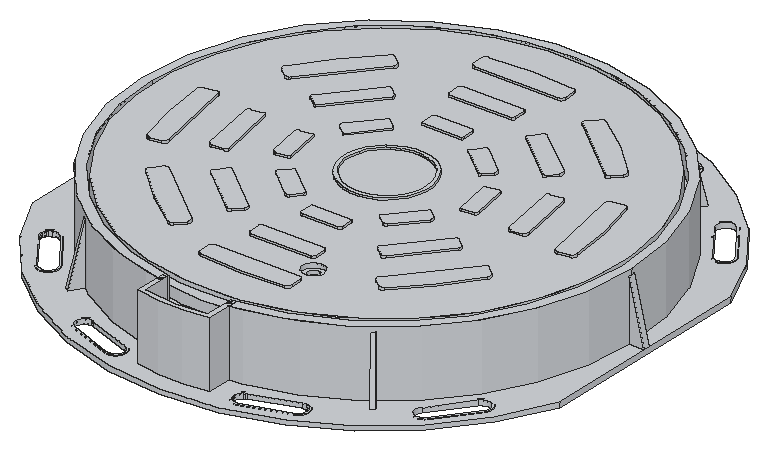
Revit family "110301-01796", category Обобщенные модели, Revit 2019
Family settings
  Может служить основой для арматурных стержней = Нет
  Размер круглого соединителя = Использовать диаметр
  Тип детали = Нормальный
  На основе рабочей плоскости = Нет
  Всегда вертикально = Да
  При загрузке вырезать с полостями = Нет
  Общий = Нет
  Точка расчета площади = Нет
Parameters (values of type "Люк т/т ГТС (Высокопрочный Чугун) ПАО МГТС")
  ADSK_Ссылка на сайт = "https://www.ssd.ru/lyuk-t-t-gts-vysokoprochnyy-chugun-pao-mgts"
  ADSK_Наименование = "Люк т/т ГТС (Высокопрочный Чугун) ПАО МГТС"
  ADSK_Масса = "60"
  ADSK_Марка = "ГТС"
  ADSK_Код изделия = "110301-01743"
  ADSK_Изготовитель = "АО \"СВЯЗЬСТРОЙДЕТАЛЬ\""
  ADSK_Ширина = 820 mm
  ADSK_Высота = 100 mm
  ADSK_Длина = 740 mm
Reference planes
  plane 1 "По центру (Вперед/Назад)": y = 0
  plane 2: z = 0
  plane 3 "По центру (Влево/Вправо)": x = 0
  plane 4: z = 100
  plane 5: x = -370
  plane 6: x = 370
  plane 7: y = 410
  plane 8: y = -410
  plane 9: z = 5
Forms (mm)
  Extrusion 1, solid
    sketch origin (0, 0, 0) x (1, 0, 0) y (0, 1, 0)
      loop
        line (-370, 173.94) -> (-370, -167.703)
        arc (-370, -167.703) -> (3.987, -409.854) -> (370, -155.81) r 400
        line (370, -155.81) -> (370, 148.957)
        arc (370, 148.957) -> (8.386, 409.835) -> (-370, 173.94) r 400
    from 0 to 6.655
  Extrusion 2, solid
    sketch origin (0, 0, 0) x (1, 0, 0) y (0, 1, 0)
      loop
        circle (0, 0) r 348
    from 0 to 100
  Extrusion 3, void
    sketch origin (0, 0, 0) x (1, 0, 0) y (0, 1, 0)
      loop
        circle (0, 0) r 335
    from 0 to 100
  Extrusion 4, solid
    sketch origin (-6.145, -0.058, 0) x (0.999848, 0.017452, 0) y (-0.017452, 0.999848, 0)
      loop
        arc (-51.889, -378.432) -> (-0.928, -384.32) -> (50.136, -379.409) r 243.685
        line (50.136, -379.409) -> (50.908, -335.186)
        arc (50.908, -335.186) -> (-0.158, -338.961) -> (-51.111, -333.88) r 296.029
        line (-51.111, -333.88) -> (-51.889, -378.432)
    from 0 to 100
  Extrusion 5, void
    sketch origin (0, 0, 0) x (1, 0, 0) y (0, 1, 0)
      loop
        line (-44.252, -322.006) -> (-44.252, -373.679)
        arc (-44.252, -373.679) -> (0, -377.724) -> (44.252, -373.679) r 244.048
        line (44.252, -373.679) -> (44.252, -323.111)
        arc (44.252, -323.111) -> (-0.036, -325.452) -> (-44.252, -322.006) r 339.939
    from 68 to 100
  Extrusion 6, solid
    sketch origin (0, 0, 0) x (1, 0, 0) y (0, 1, 0)
      loop
        circle (0, 0) r 339
    from 56.016 to 68
  Extrusion 7, void
    sketch origin (0, 0, 0) x (1, 0, 0) y (0, 1, 0)
      loop
        circle (0, 0) r 325
    from 56.016 to 68
  Extrusion 8, solid, detail levels medium+fine
    sketch origin (13.548, 12.762, 0) x (0.999433, 0.033677, 0) y (-0.033677, 0.999433, 0)
      loop
        arc (-324.872, 223.466) -> (-322.655, 202.369) -> (-301.558, 204.587) r 15
        line (-301.558, 204.587) -> (-260.652, 255.101)
        arc (-260.652, 255.101) -> (-262.869, 276.198) -> (-283.966, 273.981) r 15
        line (-283.966, 273.981) -> (-324.872, 223.466)
    from 0 to 6.655
  Extrusion 9, void, detail levels medium+fine
    sketch origin (13.548, 12.762, 0) x (0.999433, 0.033677, 0) y (-0.033677, 0.999433, 0)
      loop
        arc (-322.841, 221.822) -> (-320.994, 204.254) -> (-303.426, 206.1) r 12.491
        line (-303.426, 206.1) -> (-262.521, 256.615)
        arc (-262.521, 256.615) -> (-264.367, 274.183) -> (-281.935, 272.336) r 12.491
        line (-281.935, 272.336) -> (-322.841, 221.822)
    from 0 to 6.655
  Extrusion 10, solid, detail levels medium+fine
    sketch origin (-13.548, 12.762, 0) x (-0.999433, 0.033677, 0) y (-0.033677, -0.999433, 0)
      loop
        line (-324.872, -223.466) -> (-283.966, -273.981)
        arc (-283.966, -273.981) -> (-262.869, -276.198) -> (-260.652, -255.101) r 15
        line (-260.652, -255.101) -> (-301.558, -204.587)
        arc (-301.558, -204.587) -> (-322.655, -202.369) -> (-324.872, -223.466) r 15
    from 0 to 6.655
  Extrusion 11, void, detail levels medium+fine
    sketch origin (-13.548, 12.762, 0) x (-0.999433, 0.033677, 0) y (-0.033677, -0.999433, 0)
      loop
        line (-322.841, -221.822) -> (-281.935, -272.336)
        arc (-281.935, -272.336) -> (-264.367, -274.183) -> (-262.521, -256.615) r 12.491
        line (-262.521, -256.615) -> (-303.426, -206.1)
        arc (-303.426, -206.1) -> (-320.994, -204.254) -> (-322.841, -221.822) r 12.491
    from 0 to 6.655
  Extrusion 12, solid, detail levels medium+fine
    sketch origin (-13.548, -12.762, 0) x (-0.999433, -0.033677, 0) y (0.033677, -0.999433, 0)
      loop
        arc (-324.872, 223.466) -> (-322.655, 202.369) -> (-301.558, 204.587) r 15
        line (-301.558, 204.587) -> (-260.652, 255.101)
        arc (-260.652, 255.101) -> (-262.869, 276.198) -> (-283.966, 273.981) r 15
        line (-283.966, 273.981) -> (-324.872, 223.466)
    from 0 to 6.655
  Extrusion 13, void, detail levels medium+fine
    sketch origin (-13.548, -12.762, 0) x (-0.999433, -0.033677, 0) y (0.033677, -0.999433, 0)
      loop
        arc (-322.841, 221.822) -> (-320.994, 204.254) -> (-303.426, 206.1) r 12.491
        line (-303.426, 206.1) -> (-262.521, 256.615)
        arc (-262.521, 256.615) -> (-264.367, 274.183) -> (-281.935, 272.336) r 12.491
        line (-281.935, 272.336) -> (-322.841, 221.822)
    from 0 to 6.655
  Extrusion 14, solid, detail levels medium+fine
    sketch origin (13.548, -12.762, 0) x (0.999433, -0.033677, 0) y (0.033677, 0.999433, 0)
      loop
        line (-324.872, -223.466) -> (-283.966, -273.981)
        arc (-283.966, -273.981) -> (-262.869, -276.198) -> (-260.652, -255.101) r 15
        line (-260.652, -255.101) -> (-301.558, -204.587)
        arc (-301.558, -204.587) -> (-322.655, -202.369) -> (-324.872, -223.466) r 15
    from 0 to 6.655
  Extrusion 15, void, detail levels medium+fine
    sketch origin (13.548, -12.762, 0) x (0.999433, -0.033677, 0) y (0.033677, 0.999433, 0)
      loop
        line (-322.841, -221.822) -> (-281.935, -272.336)
        arc (-281.935, -272.336) -> (-264.367, -274.183) -> (-262.521, -256.615) r 12.491
        line (-262.521, -256.615) -> (-303.426, -206.1)
        arc (-303.426, -206.1) -> (-320.994, -204.254) -> (-322.841, -221.822) r 12.491
    from 0 to 6.655
  Extrusion 16, solid, detail levels medium+fine
    sketch origin (4.376, -0.54, 0) x (-0.331874, 0.943324, 0) y (-0.943324, -0.331874, 0)
      loop
        arc (-327.803, 221.464) -> (-325.586, 200.367) -> (-304.489, 202.584) r 15
        line (-304.489, 202.584) -> (-263.583, 253.099)
        arc (-263.583, 253.099) -> (-265.8, 274.196) -> (-286.897, 271.978) r 15
        line (-286.897, 271.978) -> (-327.803, 221.464)
    from 0 to 6.655
  Extrusion 17, void, detail levels medium+fine
    sketch origin (4.376, -0.54, 0) x (-0.331874, 0.943324, 0) y (-0.943324, -0.331874, 0)
      loop
        arc (-325.772, 219.819) -> (-323.925, 202.251) -> (-306.357, 204.097) r 12.491
        line (-306.357, 204.097) -> (-265.452, 254.612)
        arc (-265.452, 254.612) -> (-267.298, 272.18) -> (-284.866, 270.334) r 12.491
        line (-284.866, 270.334) -> (-325.772, 219.819)
    from 0 to 6.655
  Extrusion 18, solid, detail levels medium+fine
    sketch origin (-4.376, -0.54, 0) x (0.331874, 0.943324, 0) y (-0.943324, 0.331874, 0)
      loop
        line (-327.803, -221.464) -> (-286.897, -271.978)
        arc (-286.897, -271.978) -> (-265.8, -274.196) -> (-263.583, -253.099) r 15
        line (-263.583, -253.099) -> (-304.489, -202.584)
        arc (-304.489, -202.584) -> (-325.586, -200.367) -> (-327.803, -221.464) r 15
    from 0 to 6.655
  Extrusion 19, void, detail levels medium+fine
    sketch origin (-4.376, -0.54, 0) x (0.331874, 0.943324, 0) y (-0.943324, 0.331874, 0)
      loop
        line (-325.772, -219.819) -> (-284.866, -270.334)
        arc (-284.866, -270.334) -> (-267.298, -272.18) -> (-265.452, -254.612) r 12.491
        line (-265.452, -254.612) -> (-306.357, -204.097)
        arc (-306.357, -204.097) -> (-323.925, -202.251) -> (-325.772, -219.819) r 12.491
    from 0 to 6.655
  Extrusion 20, solid
    sketch origin (0.293, 0, 0) x (1, 0, 0) y (0, 0, 1)
      loop
        line (-348, 94.588) -> (-368.724, 6.655) -> (-348, 6.655) -> (-348, 94.588)
    from -4.975 to 4.705
  Extrusion 21, solid
    sketch origin (-0.293, 0, 0) x (-1, 0, 0) y (0, 0, -1)
      loop
        line (-348, -94.588) -> (-348, -6.655) -> (-368.724, -6.655) -> (-348, -94.588)
    from -4.975 to 4.705
  Extrusion 22, solid, detail levels medium+fine
    sketch origin (-4.376, 0.54, 0) x (0.331874, -0.943324, 0) y (0.943324, 0.331874, 0)
      loop
        arc (-327.803, 221.464) -> (-325.586, 200.367) -> (-304.489, 202.584) r 15
        line (-304.489, 202.584) -> (-263.583, 253.099)
        arc (-263.583, 253.099) -> (-265.8, 274.196) -> (-286.897, 271.978) r 15
        line (-286.897, 271.978) -> (-327.803, 221.464)
    from 0 to 6.655
  Extrusion 23, void, detail levels medium+fine
    sketch origin (-4.376, 0.54, 0) x (0.331874, -0.943324, 0) y (0.943324, 0.331874, 0)
      loop
        arc (-325.772, 219.819) -> (-323.925, 202.251) -> (-306.357, 204.097) r 12.491
        line (-306.357, 204.097) -> (-265.452, 254.612)
        arc (-265.452, 254.612) -> (-267.298, 272.18) -> (-284.866, 270.334) r 12.491
        line (-284.866, 270.334) -> (-325.772, 219.819)
    from 0 to 6.655
  Extrusion 24, solid, detail levels medium+fine
    sketch origin (4.376, 0.54, 0) x (-0.331874, -0.943324, 0) y (0.943324, -0.331874, 0)
      loop
        line (-327.803, -221.464) -> (-286.897, -271.978)
        arc (-286.897, -271.978) -> (-265.8, -274.196) -> (-263.583, -253.099) r 15
        line (-263.583, -253.099) -> (-304.489, -202.584)
        arc (-304.489, -202.584) -> (-325.586, -200.367) -> (-327.803, -221.464) r 15
    from 0 to 6.655
  Extrusion 25, void, detail levels medium+fine
    sketch origin (4.376, 0.54, 0) x (-0.331874, -0.943324, 0) y (0.943324, -0.331874, 0)
      loop
        line (-325.772, -219.819) -> (-284.866, -270.334)
        arc (-284.866, -270.334) -> (-267.298, -272.18) -> (-265.452, -254.612) r 12.491
        line (-265.452, -254.612) -> (-306.357, -204.097)
        arc (-306.357, -204.097) -> (-323.925, -202.251) -> (-325.772, -219.819) r 12.491
    from 0 to 6.655
  Extrusion 26, solid
    sketch origin (231.23, -180.37, 0) x (-0.601815, -0.798636, 0) y (0, 0, 1)
      loop
        line (-352.166, 96.108) -> (-373.248, 6.655) -> (-352.166, 6.655) -> (-352.166, 96.108)
    from 295.322 to 301.547
  Extrusion 27, solid
    sketch origin (-231.23, -180.37, 0) x (0.601815, -0.798636, 0) y (0, 0, -1)
      loop
        line (-352.166, -96.108) -> (-352.166, -6.655) -> (-373.248, -6.655) -> (-352.166, -96.108)
    from 295.322 to 301.547
  Extrusion 28, solid
    sketch origin (-231.23, 180.37, 0) x (0.601815, 0.798636, 0) y (0, 0, 1)
      loop
        line (-352.166, 96.108) -> (-373.248, 6.655) -> (-352.166, 6.655) -> (-352.166, 96.108)
    from 295.322 to 301.547
  Extrusion 29, solid
    sketch origin (231.23, 180.37, 0) x (-0.601815, 0.798636, 0) y (0, 0, -1)
      loop
        line (-352.166, -96.108) -> (-352.166, -6.655) -> (-373.248, -6.655) -> (-352.166, -96.108)
    from 295.322 to 301.547
Cuts and joins
  Extrusion 3, Extrusion 5, Extrusion 9, Extrusion 11, Extrusion 13, Extrusion 15, Extrusion 17, Extrusion 19, Extrusion 23, Extrusion 25 cuts Extrusion 1
  Extrusion 3, Extrusion 5 cuts Extrusion 2
  Extrusion 5 cuts Extrusion 4
  Extrusion 7 cuts Extrusion 6
  Extrusion 9, Extrusion 11 cuts Extrusion 8
  Extrusion 11, Extrusion 13 cuts Extrusion 10
  Extrusion 13, Extrusion 15 cuts Extrusion 12
  Extrusion 15 cuts Extrusion 14
  Extrusion 17, Extrusion 19 cuts Extrusion 16
  Extrusion 19, Extrusion 23 cuts Extrusion 18
  Extrusion 23, Extrusion 25 cuts Extrusion 22
  Extrusion 25 cuts Extrusion 24
Dimensions and locks
  "ADSK_Высота": plane 4 to level
  "ADSK_Длина": plane 5 to plane 6
  equal spacing: plane 5, plane 3 "По центру (Влево/Вправо)", plane 6, locked at 370 each
  "ADSK_Ширина": plane 7 to plane 8
  equal spacing: plane 7, plane 1 "По центру (Вперед/Назад)", plane 8
  aligned and locked: level to plane 2
  aligned and locked: Extrusion 6 to Extrusion 7  (x2)
  aligned and locked: plane 4 to Extrusion 3
  aligned and locked: Extrusion 3 to level
  aligned and locked: Extrusion 1 to plane 5
  aligned and locked: Extrusion 1 to plane 6
  aligned and locked: plane 4 to Extrusion 2
Automatic sketch dimensions
  Extrusion 1 sketch curve to plane 5 = 0 mm
  Extrusion 1 sketch curve to plane 6 = 0 mm
  Extrusion 1 sketch curve to plane 3 "По центру (Влево/Вправо)" = 5.111 mm
  Extrusion 1 sketch curve to plane 3 "По центру (Влево/Вправо)" = 2.441 mm
  plane 1 "По центру (Вперед/Назад)" to Extrusion 1 sketch curve = 167.703 mm
  plane 1 "По центру (Вперед/Назад)" to Extrusion 1 sketch curve = 155.81 mm
  Extrusion 1 sketch curve to plane 1 "По центру (Вперед/Назад)" = 10.062 mm
  Extrusion 1 sketch curve to plane 1 "По центру (Вперед/Назад)" = 148.957 mm
  plane 1 "По центру (Вперед/Назад)" to Extrusion 2 sketch curve = 0 mm
  Extrusion 2 sketch curve to plane 3 "По центру (Влево/Вправо)" = 0 mm
  plane 1 "По центру (Вперед/Назад)" to Extrusion 3 sketch curve = 0 mm
  Extrusion 3 sketch curve to plane 3 "По центру (Влево/Вправо)" = 0 mm
  plane 8 to Extrusion 4 sketch curve = 30.662 mm
  Extrusion 4 sketch curve to plane 3 "По центру (Влево/Вправо)" = 51.421 mm
  Extrusion 4 sketch curve to Extrusion 4 sketch curve = 0.778 mm
  Extrusion 4 sketch curve to Extrusion 4 sketch curve = 52.516 mm
  Extrusion 4 sketch curve to Extrusion 4 sketch curve = 2.226 mm
  Extrusion 4 sketch curve to Extrusion 4 sketch curve = 102.024 mm
  Extrusion 4 sketch curve to Extrusion 4 sketch curve = 0.772 mm
  Extrusion 4 sketch curve to Extrusion 4 sketch curve = 0.977 mm
  Extrusion 4 sketch curve to Extrusion 4 sketch curve = 44.223 mm
  Extrusion 4 sketch curve to Extrusion 4 sketch curve = 44.552 mm
  Extrusion 5 sketch curve to plane 3 "По центру (Влево/Вправо)" = 0 mm
  Extrusion 5 sketch curve to plane 3 "По центру (Влево/Вправо)" = 44.252 mm
  plane 3 "По центру (Влево/Вправо)" to Extrusion 5 sketch curve = 4.207 mm
  plane 3 "По центру (Влево/Вправо)" to Extrusion 5 sketch curve = 44.252 mm
  plane 8 to Extrusion 5 sketch curve = 36.321 mm
  Extrusion 5 sketch curve to Extrusion 5 sketch curve = 50.568 mm
  Extrusion 5 sketch curve to Extrusion 5 sketch curve = 51.672 mm
  plane 1 "По центру (Вперед/Назад)" to Extrusion 5 sketch curve = 133.676 mm
  plane 1 "По центру (Вперед/Назад)" to Extrusion 6 sketch curve = 0 mm
  Extrusion 6 sketch curve to plane 3 "По центру (Влево/Вправо)" = 0 mm
  plane 1 "По центру (Вперед/Назад)" to Extrusion 7 sketch curve = 0 mm
  Extrusion 7 sketch curve to plane 3 "По центру (Влево/Вправо)" = 0 mm
  plane 5 to Extrusion 8 sketch curve = 51.335 mm
  Extrusion 8 sketch curve to plane 7 = 184.839 mm
  Extrusion 8 sketch curve to Extrusion 8 sketch curve = 11.657 mm  (x4)
  Extrusion 8 sketch curve to Extrusion 8 sketch curve = 40.906 mm
  Extrusion 8 sketch curve to Extrusion 8 sketch curve = 9.44 mm  (x2)
  Extrusion 8 sketch curve to Extrusion 8 sketch curve = 50.514 mm
  plane 5 to Extrusion 9 sketch curve = 53.42 mm
  Extrusion 9 sketch curve to plane 7 = 186.414 mm
  Extrusion 9 sketch curve to Extrusion 9 sketch curve = 9.707 mm  (x2)
  Extrusion 9 sketch curve to Extrusion 9 sketch curve = 40.906 mm
  Extrusion 9 sketch curve to Extrusion 9 sketch curve = 7.861 mm
  Extrusion 10 sketch curve to plane 6 = 51.335 mm
  plane 7 to Extrusion 10 sketch curve = 184.839 mm
  Extrusion 10 sketch curve to Extrusion 10 sketch curve = 11.657 mm  (x4)
  Extrusion 10 sketch curve to Extrusion 10 sketch curve = 40.906 mm
  Extrusion 10 sketch curve to Extrusion 10 sketch curve = 9.44 mm  (x2)
  Extrusion 10 sketch curve to Extrusion 10 sketch curve = 50.514 mm
  Extrusion 11 sketch curve to plane 6 = 53.42 mm
  plane 7 to Extrusion 11 sketch curve = 186.414 mm
  Extrusion 11 sketch curve to Extrusion 11 sketch curve = 9.707 mm  (x2)
  Extrusion 11 sketch curve to Extrusion 11 sketch curve = 40.906 mm
  Extrusion 11 sketch curve to Extrusion 11 sketch curve = 7.861 mm
  plane 6 to Extrusion 12 sketch curve = 51.335 mm
  plane 8 to Extrusion 12 sketch curve = 184.839 mm
  Extrusion 12 sketch curve to Extrusion 12 sketch curve = 11.657 mm  (x4)
  Extrusion 12 sketch curve to Extrusion 12 sketch curve = 40.906 mm
  Extrusion 12 sketch curve to Extrusion 12 sketch curve = 9.44 mm  (x2)
  Extrusion 12 sketch curve to Extrusion 12 sketch curve = 50.514 mm
  plane 6 to Extrusion 13 sketch curve = 53.42 mm
  plane 8 to Extrusion 13 sketch curve = 186.414 mm
  Extrusion 13 sketch curve to Extrusion 13 sketch curve = 9.707 mm  (x2)
  Extrusion 13 sketch curve to Extrusion 13 sketch curve = 40.906 mm
  Extrusion 13 sketch curve to Extrusion 13 sketch curve = 7.861 mm
  Extrusion 14 sketch curve to plane 5 = 51.335 mm
  Extrusion 14 sketch curve to plane 8 = 184.839 mm
  Extrusion 14 sketch curve to Extrusion 14 sketch curve = 11.657 mm  (x4)
  Extrusion 14 sketch curve to Extrusion 14 sketch curve = 40.906 mm
  Extrusion 14 sketch curve to Extrusion 14 sketch curve = 9.44 mm  (x2)
  Extrusion 14 sketch curve to Extrusion 14 sketch curve = 50.514 mm
  Extrusion 15 sketch curve to plane 5 = 53.42 mm
  Extrusion 15 sketch curve to plane 8 = 186.414 mm
  Extrusion 15 sketch curve to Extrusion 15 sketch curve = 9.707 mm  (x2)
  Extrusion 15 sketch curve to Extrusion 15 sketch curve = 40.906 mm
  Extrusion 15 sketch curve to Extrusion 15 sketch curve = 7.861 mm
  plane 8 to Extrusion 16 sketch curve = 26.737 mm
  Extrusion 16 sketch curve to plane 3 "По центру (Влево/Вправо)" = 95.747 mm
  Extrusion 16 sketch curve to Extrusion 16 sketch curve = 11.657 mm  (x4)
  Extrusion 16 sketch curve to Extrusion 16 sketch curve = 40.906 mm
  Extrusion 16 sketch curve to Extrusion 16 sketch curve = 9.44 mm  (x2)
  Extrusion 16 sketch curve to Extrusion 16 sketch curve = 50.514 mm
  plane 8 to Extrusion 17 sketch curve = 29.199 mm
  Extrusion 17 sketch curve to plane 3 "По центру (Влево/Вправо)" = 94.869 mm
  Extrusion 17 sketch curve to Extrusion 17 sketch curve = 9.707 mm  (x2)
  Extrusion 17 sketch curve to Extrusion 17 sketch curve = 40.906 mm
  Extrusion 17 sketch curve to Extrusion 17 sketch curve = 7.861 mm
  Extrusion 18 sketch curve to plane 8 = 26.737 mm
  Extrusion 18 sketch curve to plane 3 "По центру (Влево/Вправо)" = 95.747 mm
  Extrusion 18 sketch curve to Extrusion 18 sketch curve = 11.657 mm  (x4)
  Extrusion 18 sketch curve to Extrusion 18 sketch curve = 40.906 mm
  Extrusion 18 sketch curve to Extrusion 18 sketch curve = 9.44 mm  (x2)
  Extrusion 18 sketch curve to Extrusion 18 sketch curve = 50.514 mm
  Extrusion 19 sketch curve to plane 8 = 29.199 mm
  Extrusion 19 sketch curve to plane 3 "По центру (Влево/Вправо)" = 94.869 mm
  Extrusion 19 sketch curve to Extrusion 19 sketch curve = 9.707 mm  (x2)
  Extrusion 19 sketch curve to Extrusion 19 sketch curve = 40.906 mm
  Extrusion 19 sketch curve to Extrusion 19 sketch curve = 7.861 mm
  plane 5 to Extrusion 20 sketch curve = 1.569 mm
  plane 9 to Extrusion 20 sketch curve = 1.655 mm
  Extrusion 20 sketch curve to Extrusion 20 sketch curve = 20.724 mm
  Extrusion 20 sketch curve to plane 4 = 5.412 mm
  Extrusion 21 sketch curve to plane 6 = 1.569 mm
  Extrusion 21 sketch curve to plane 9 = 1.655 mm
  Extrusion 21 sketch curve to Extrusion 21 sketch curve = 20.724 mm
  plane 4 to Extrusion 21 sketch curve = 5.412 mm
  Extrusion 22 sketch curve to plane 7 = 26.737 mm
  plane 3 "По центру (Влево/Вправо)" to Extrusion 22 sketch curve = 95.747 mm
  Extrusion 22 sketch curve to Extrusion 22 sketch curve = 11.657 mm  (x4)
  Extrusion 22 sketch curve to Extrusion 22 sketch curve = 40.906 mm
  Extrusion 22 sketch curve to Extrusion 22 sketch curve = 9.44 mm  (x2)
  Extrusion 22 sketch curve to Extrusion 22 sketch curve = 50.514 mm
  Extrusion 23 sketch curve to plane 7 = 29.199 mm
  plane 3 "По центру (Влево/Вправо)" to Extrusion 23 sketch curve = 94.869 mm
  Extrusion 23 sketch curve to Extrusion 23 sketch curve = 9.707 mm  (x2)
  Extrusion 23 sketch curve to Extrusion 23 sketch curve = 40.906 mm
  Extrusion 23 sketch curve to Extrusion 23 sketch curve = 7.861 mm
  plane 7 to Extrusion 24 sketch curve = 26.737 mm
  plane 3 "По центру (Влево/Вправо)" to Extrusion 24 sketch curve = 95.747 mm
  Extrusion 24 sketch curve to Extrusion 24 sketch curve = 11.657 mm  (x4)
  Extrusion 24 sketch curve to Extrusion 24 sketch curve = 40.906 mm
  Extrusion 24 sketch curve to Extrusion 24 sketch curve = 9.44 mm  (x2)
  Extrusion 24 sketch curve to Extrusion 24 sketch curve = 50.514 mm
  plane 7 to Extrusion 25 sketch curve = 29.199 mm
  plane 3 "По центру (Влево/Вправо)" to Extrusion 25 sketch curve = 94.869 mm
  Extrusion 25 sketch curve to Extrusion 25 sketch curve = 9.707 mm  (x2)
  Extrusion 25 sketch curve to Extrusion 25 sketch curve = 40.906 mm
  Extrusion 25 sketch curve to Extrusion 25 sketch curve = 7.861 mm
  plane 9 to Extrusion 26 sketch curve = 1.655 mm
  Extrusion 26 sketch curve to Extrusion 26 sketch curve = 21.083 mm
  Extrusion 26 sketch curve to plane 4 = 3.892 mm
  plane 9 to Extrusion 27 sketch curve = 1.655 mm
  Extrusion 27 sketch curve to Extrusion 27 sketch curve = 21.083 mm
  Extrusion 27 sketch curve to plane 4 = 3.892 mm
  plane 9 to Extrusion 28 sketch curve = 1.655 mm
  Extrusion 28 sketch curve to Extrusion 28 sketch curve = 21.083 mm
  Extrusion 28 sketch curve to plane 4 = 3.892 mm
  plane 9 to Extrusion 29 sketch curve = 1.655 mm
  Extrusion 29 sketch curve to Extrusion 29 sketch curve = 21.083 mm
  Extrusion 29 sketch curve to plane 4 = 3.892 mm
  radius of Extrusion 2 sketch curve = 348 mm
  radius of Extrusion 3 sketch curve = 335 mm
  radius of Extrusion 6 sketch curve = 339 mm
  radius of Extrusion 7 sketch curve = 325 mm
Nested families
  nested 1: "Крышка люка" at (0, 0, 21) x (0.6293, 0.7771, 0) z (0, 0, 1), type "Крышка люка"
Definition of nested family "Крышка люка"
  Parameters
    2 = 720 mm
    1 = 720 mm
  Reference planes
    plane 1 "По центру (Вперед/Назад)": y = 0
    plane 2: z = 0
    plane 3 "По центру (Влево/Вправо)": x = 0
    plane 4: x = -360
    plane 5: x = 360
    plane 6: y = 360
    plane 7: y = -360
    plane 8: z = 79
    plane 9: z = 69
  Forms (mm)
    Extrusion 1, solid
      sketch origin (0, 0, 0) x (1, 0, 0) y (0, 1, 0)
        loop
          circle (0, 0) r 330
      from 47 to 79
    Extrusion 2, solid
      sketch origin (0, 0, 0) x (1, 0, 0) y (0, 1, 0)
        loop
          circle (0, 0) r 60
      from 79 to 81.386
    Extrusion 3, void
      sketch origin (0, 0, 0) x (1, 0, 0) y (0, 1, 0)
        loop
          circle (0, 0) r 55
      from 79 to 81.386
    Extrusion 4, solid, detail levels medium+fine
      sketch origin (0, 25, 0) x (1, 0, 0) y (0, 1, 0)
        loop
          arc (-64.14, -276.731) -> (-62.459, -280.789) -> (-58.401, -282.47) r 5.739
          arc (-58.401, -282.47) -> (0, -286.038) -> (58.401, -282.47) r 479.826
          arc (58.401, -282.47) -> (62.459, -280.789) -> (64.14, -276.731) r 5.739
          line (64.14, -276.731) -> (64.14, -261.731)
          arc (64.14, -261.731) -> (62.459, -257.673) -> (58.401, -255.993) r 5.739
          arc (58.401, -255.993) -> (0, -257.873) -> (-58.401, -255.993) r 907.687
          arc (-58.401, -255.993) -> (-62.459, -257.673) -> (-64.14, -261.731) r 5.739
          line (-64.14, -261.731) -> (-64.14, -276.731)
      from 79 to 81.386
    Extrusion 5, solid, detail levels medium+fine
      sketch origin (-8.38, 94.276, 0) x (1, 0, 0) y (0, 1, 0)
        loop
          arc (-38.668, -276.848) -> (-37.197, -280.399) -> (-33.646, -281.87) r 5.022
          arc (-33.646, -281.87) -> (7.584, -283.44) -> (48.795, -281.438) r 476.555
          arc (48.795, -281.438) -> (52.037, -280.095) -> (53.38, -276.853) r 4.585
          line (53.38, -276.853) -> (53.38, -262.205)
          arc (53.38, -262.205) -> (52.587, -259.354) -> (50.438, -257.32) r 5.526
          arc (50.438, -257.32) -> (6.884, -258.479) -> (-36.674, -257.545) r 907.077
          arc (-36.674, -257.545) -> (-38.144, -259.385) -> (-38.668, -261.681) r 5.287
          line (-38.668, -261.681) -> (-38.668, -276.848)
      from 79 to 81.386
    Extrusion 6, solid, detail levels medium+fine
      sketch origin (-8.38, 164.276, 0) x (1, 0, 0) y (0, 1, 0)
        loop
          arc (-20.49, -276.914) -> (-19.222, -279.973) -> (-16.163, -281.241) r 4.327
          arc (-16.163, -281.241) -> (8.169, -281.727) -> (32.494, -280.966) r 474.355
          arc (32.494, -280.966) -> (35.316, -279.797) -> (36.485, -276.975) r 3.991
          line (36.485, -276.975) -> (36.485, -261.571)
          arc (36.485, -261.571) -> (36.289, -259.949) -> (35.714, -258.421) r 6.819
          arc (35.714, -258.421) -> (7.88, -258.93) -> (-19.956, -258.585) r 906.601
          arc (-19.956, -258.585) -> (-20.355, -259.834) -> (-20.49, -261.137) r 6.367
          line (-20.49, -261.137) -> (-20.49, -276.914)
      from 79 to 81.386
    Extrusion 7, solid, detail levels medium+fine
      sketch origin (11.989, 1.222, 0) x (0.645552, 0.763716, 0) y (-0.763716, 0.645552, 0)
        loop
          line (-64.14, 276.731) -> (-64.14, 261.731)
          arc (-64.14, 261.731) -> (-62.459, 257.673) -> (-58.401, 255.993) r 5.739
          arc (-58.401, 255.993) -> (0, 257.873) -> (58.401, 255.993) r 907.687
          arc (58.401, 255.993) -> (62.459, 257.673) -> (64.14, 261.731) r 5.739
          line (64.14, 261.731) -> (64.14, 276.731)
          arc (64.14, 276.731) -> (62.459, 280.789) -> (58.401, 282.47) r 5.739
          arc (58.401, 282.47) -> (0, 286.038) -> (-58.401, 282.47) r 479.826
          arc (-58.401, 282.47) -> (-62.459, 280.789) -> (-64.14, 276.731) r 5.739
      from 79 to 81.386
    Extrusion 8, solid, detail levels medium+fine
      sketch origin (59.487, -49.899, 0) x (0.645552, 0.763716, 0) y (-0.763716, 0.645552, 0)
        loop
          line (-38.668, 276.848) -> (-38.668, 261.681)
          arc (-38.668, 261.681) -> (-38.144, 259.385) -> (-36.674, 257.545) r 5.287
          arc (-36.674, 257.545) -> (6.884, 258.479) -> (50.438, 257.32) r 907.077
          arc (50.438, 257.32) -> (52.587, 259.354) -> (53.38, 262.205) r 5.526
          line (53.38, 262.205) -> (53.38, 276.853)
          arc (53.38, 276.853) -> (52.037, 280.095) -> (48.795, 281.438) r 4.585
          arc (48.795, 281.438) -> (7.584, 283.44) -> (-33.646, 281.87) r 476.555
          arc (-33.646, 281.87) -> (-37.197, 280.399) -> (-38.668, 276.848) r 5.022
      from 79 to 81.386
    Extrusion 9, solid, detail levels medium+fine
      sketch origin (112.947, -95.087, 0) x (0.645552, 0.763716, 0) y (-0.763716, 0.645552, 0)
        loop
          line (-20.49, 276.914) -> (-20.49, 261.137)
          arc (-20.49, 261.137) -> (-20.355, 259.834) -> (-19.956, 258.585) r 6.367
          arc (-19.956, 258.585) -> (7.88, 258.93) -> (35.714, 258.421) r 906.601
          arc (35.714, 258.421) -> (36.289, 259.949) -> (36.485, 261.571) r 6.819
          line (36.485, 261.571) -> (36.485, 276.975)
          arc (36.485, 276.975) -> (35.316, 279.797) -> (32.494, 280.966) r 3.991
          arc (32.494, 280.966) -> (8.169, 281.727) -> (-16.163, 281.241) r 474.355
          arc (-16.163, 281.241) -> (-19.222, 279.973) -> (-20.49, 276.914) r 4.327
      from 79 to 81.386
    Extrusion 10, solid, detail levels medium+fine
      sketch origin (0, -25, 0) x (1, 0, 0) y (0, 1, 0)
        loop
          line (-64.14, 276.731) -> (-64.14, 261.731)
          arc (-64.14, 261.731) -> (-62.459, 257.673) -> (-58.401, 255.993) r 5.739
          arc (-58.401, 255.993) -> (0, 257.873) -> (58.401, 255.993) r 907.687
          arc (58.401, 255.993) -> (62.459, 257.673) -> (64.14, 261.731) r 5.739
          line (64.14, 261.731) -> (64.14, 276.731)
          arc (64.14, 276.731) -> (62.459, 280.789) -> (58.401, 282.47) r 5.739
          arc (58.401, 282.47) -> (0, 286.038) -> (-58.401, 282.47) r 479.826
          arc (-58.401, 282.47) -> (-62.459, 280.789) -> (-64.14, 276.731) r 5.739
      from 79 to 81.386
    Extrusion 11, solid, detail levels medium+fine
      sketch origin (-8.38, -94.276, 0) x (1, 0, 0) y (0, 1, 0)
        loop
          line (-38.668, 276.848) -> (-38.668, 261.681)
          arc (-38.668, 261.681) -> (-38.144, 259.385) -> (-36.674, 257.545) r 5.287
          arc (-36.674, 257.545) -> (6.884, 258.479) -> (50.438, 257.32) r 907.077
          arc (50.438, 257.32) -> (52.587, 259.354) -> (53.38, 262.205) r 5.526
          line (53.38, 262.205) -> (53.38, 276.853)
          arc (53.38, 276.853) -> (52.037, 280.095) -> (48.795, 281.438) r 4.585
          arc (48.795, 281.438) -> (7.584, 283.44) -> (-33.646, 281.87) r 476.555
          arc (-33.646, 281.87) -> (-37.197, 280.399) -> (-38.668, 276.848) r 5.022
      from 79 to 81.386
    Extrusion 12, solid, detail levels medium+fine
      sketch origin (-8.38, -164.276, 0) x (1, 0, 0) y (0, 1, 0)
        loop
          line (-20.49, 276.914) -> (-20.49, 261.137)
          arc (-20.49, 261.137) -> (-20.355, 259.834) -> (-19.956, 258.585) r 6.367
          arc (-19.956, 258.585) -> (7.88, 258.93) -> (35.714, 258.421) r 906.601
          arc (35.714, 258.421) -> (36.289, 259.949) -> (36.485, 261.571) r 6.819
          line (36.485, 261.571) -> (36.485, 276.975)
          arc (36.485, 276.975) -> (35.316, 279.797) -> (32.494, 280.966) r 3.991
          arc (32.494, 280.966) -> (8.169, 281.727) -> (-16.163, 281.241) r 474.355
          arc (-16.163, 281.241) -> (-19.222, 279.973) -> (-20.49, 276.914) r 4.327
      from 79 to 81.386
    Extrusion 13, solid, detail levels medium+fine
      sketch origin (21.067, 0.499, 0) x (0, 1, 0) y (-1, 0, 0)
        loop
          line (-64.14, 276.731) -> (-64.14, 261.731)
          arc (-64.14, 261.731) -> (-62.459, 257.673) -> (-58.401, 255.993) r 5.739
          arc (-58.401, 255.993) -> (0, 257.873) -> (58.401, 255.993) r 907.687
          arc (58.401, 255.993) -> (62.459, 257.673) -> (64.14, 261.731) r 5.739
          line (64.14, 261.731) -> (64.14, 276.731)
          arc (64.14, 276.731) -> (62.459, 280.789) -> (58.401, 282.47) r 5.739
          arc (58.401, 282.47) -> (0, 286.038) -> (-58.401, 282.47) r 479.826
          arc (-58.401, 282.47) -> (-62.459, 280.789) -> (-64.14, 276.731) r 5.739
      from 79 to 81.386
    Extrusion 14, solid, detail levels medium+fine
      sketch origin (90.343, -7.88, 0) x (0, 1, 0) y (-1, 0, 0)
        loop
          line (-38.668, 276.848) -> (-38.668, 261.681)
          arc (-38.668, 261.681) -> (-38.144, 259.385) -> (-36.674, 257.545) r 5.287
          arc (-36.674, 257.545) -> (6.884, 258.479) -> (50.438, 257.32) r 907.077
          arc (50.438, 257.32) -> (52.587, 259.354) -> (53.38, 262.205) r 5.526
          line (53.38, 262.205) -> (53.38, 276.853)
          arc (53.38, 276.853) -> (52.037, 280.095) -> (48.795, 281.438) r 4.585
          arc (48.795, 281.438) -> (7.584, 283.44) -> (-33.646, 281.87) r 476.555
          arc (-33.646, 281.87) -> (-37.197, 280.399) -> (-38.668, 276.848) r 5.022
      from 79 to 81.386
    Extrusion 15, solid, detail levels medium+fine
      sketch origin (160.343, -7.88, 0) x (0, 1, 0) y (-1, 0, 0)
        loop
          line (-20.49, 276.914) -> (-20.49, 261.137)
          arc (-20.49, 261.137) -> (-20.355, 259.834) -> (-19.956, 258.585) r 6.367
          arc (-19.956, 258.585) -> (7.88, 258.93) -> (35.714, 258.421) r 906.601
          arc (35.714, 258.421) -> (36.289, 259.949) -> (36.485, 261.571) r 6.819
          line (36.485, 261.571) -> (36.485, 276.975)
          arc (36.485, 276.975) -> (35.316, 279.797) -> (32.494, 280.966) r 3.991
          arc (32.494, 280.966) -> (8.169, 281.727) -> (-16.163, 281.241) r 474.355
          arc (-16.163, 281.241) -> (-19.222, 279.973) -> (-20.49, 276.914) r 4.327
      from 79 to 81.386
    Extrusion 16, solid, detail levels medium+fine
      sketch origin (-21.067, 0.499, 0) x (0, 1, 0) y (-1, 0, 0)
        loop
          arc (-64.14, -276.731) -> (-62.459, -280.789) -> (-58.401, -282.47) r 5.739
          arc (-58.401, -282.47) -> (0, -286.038) -> (58.401, -282.47) r 479.826
          arc (58.401, -282.47) -> (62.459, -280.789) -> (64.14, -276.731) r 5.739
          line (64.14, -276.731) -> (64.14, -261.731)
          arc (64.14, -261.731) -> (62.459, -257.673) -> (58.401, -255.993) r 5.739
          arc (58.401, -255.993) -> (0, -257.873) -> (-58.401, -255.993) r 907.687
          arc (-58.401, -255.993) -> (-62.459, -257.673) -> (-64.14, -261.731) r 5.739
          line (-64.14, -261.731) -> (-64.14, -276.731)
      from 79 to 81.386
    Extrusion 17, solid, detail levels medium+fine
      sketch origin (-90.343, -7.88, 0) x (0, 1, 0) y (-1, 0, 0)
        loop
          arc (-38.668, -276.848) -> (-37.197, -280.399) -> (-33.646, -281.87) r 5.022
          arc (-33.646, -281.87) -> (7.584, -283.44) -> (48.795, -281.438) r 476.555
          arc (48.795, -281.438) -> (52.037, -280.095) -> (53.38, -276.853) r 4.585
          line (53.38, -276.853) -> (53.38, -262.205)
          arc (53.38, -262.205) -> (52.587, -259.354) -> (50.438, -257.32) r 5.526
          arc (50.438, -257.32) -> (6.884, -258.479) -> (-36.674, -257.545) r 907.077
          arc (-36.674, -257.545) -> (-38.144, -259.385) -> (-38.668, -261.681) r 5.287
          line (-38.668, -261.681) -> (-38.668, -276.848)
      from 79 to 81.386
    Extrusion 18, solid, detail levels medium+fine
      sketch origin (-160.343, -7.88, 0) x (0, 1, 0) y (-1, 0, 0)
        loop
          arc (-20.49, -276.914) -> (-19.222, -279.973) -> (-16.163, -281.241) r 4.327
          arc (-16.163, -281.241) -> (8.169, -281.727) -> (32.494, -280.966) r 474.355
          arc (32.494, -280.966) -> (35.316, -279.797) -> (36.485, -276.975) r 3.991
          line (36.485, -276.975) -> (36.485, -261.571)
          arc (36.485, -261.571) -> (36.289, -259.949) -> (35.714, -258.421) r 6.819
          arc (35.714, -258.421) -> (7.88, -258.93) -> (-19.956, -258.585) r 906.601
          arc (-19.956, -258.585) -> (-20.355, -259.834) -> (-20.49, -261.137) r 6.367
          line (-20.49, -261.137) -> (-20.49, -276.914)
      from 79 to 81.386
    Extrusion 19, solid, detail levels medium+fine
      sketch origin (-11.989, 1.222, 0) x (-0.645552, 0.763716, 0) y (-0.763716, -0.645552, 0)
        loop
          arc (-64.14, -276.731) -> (-62.459, -280.789) -> (-58.401, -282.47) r 5.739
          arc (-58.401, -282.47) -> (0, -286.038) -> (58.401, -282.47) r 479.826
          arc (58.401, -282.47) -> (62.459, -280.789) -> (64.14, -276.731) r 5.739
          line (64.14, -276.731) -> (64.14, -261.731)
          arc (64.14, -261.731) -> (62.459, -257.673) -> (58.401, -255.993) r 5.739
          arc (58.401, -255.993) -> (0, -257.873) -> (-58.401, -255.993) r 907.687
          arc (-58.401, -255.993) -> (-62.459, -257.673) -> (-64.14, -261.731) r 5.739
          line (-64.14, -261.731) -> (-64.14, -276.731)
      from 79 to 81.386
    Extrusion 20, solid, detail levels medium+fine
      sketch origin (-59.487, -49.899, 0) x (-0.645552, 0.763716, 0) y (-0.763716, -0.645552, 0)
        loop
          arc (-38.668, -276.848) -> (-37.197, -280.399) -> (-33.646, -281.87) r 5.022
          arc (-33.646, -281.87) -> (7.584, -283.44) -> (48.795, -281.438) r 476.555
          arc (48.795, -281.438) -> (52.037, -280.095) -> (53.38, -276.853) r 4.585
          line (53.38, -276.853) -> (53.38, -262.205)
          arc (53.38, -262.205) -> (52.587, -259.354) -> (50.438, -257.32) r 5.526
          arc (50.438, -257.32) -> (6.884, -258.479) -> (-36.674, -257.545) r 907.077
          arc (-36.674, -257.545) -> (-38.144, -259.385) -> (-38.668, -261.681) r 5.287
          line (-38.668, -261.681) -> (-38.668, -276.848)
      from 79 to 81.386
    Extrusion 21, solid, detail levels medium+fine
      sketch origin (-112.947, -95.087, 0) x (-0.645552, 0.763716, 0) y (-0.763716, -0.645552, 0)
        loop
          arc (-20.49, -276.914) -> (-19.222, -279.973) -> (-16.163, -281.241) r 4.327
          arc (-16.163, -281.241) -> (8.169, -281.727) -> (32.494, -280.966) r 474.355
          arc (32.494, -280.966) -> (35.316, -279.797) -> (36.485, -276.975) r 3.991
          line (36.485, -276.975) -> (36.485, -261.571)
          arc (36.485, -261.571) -> (36.289, -259.949) -> (35.714, -258.421) r 6.819
          arc (35.714, -258.421) -> (7.88, -258.93) -> (-19.956, -258.585) r 906.601
          arc (-19.956, -258.585) -> (-20.355, -259.834) -> (-20.49, -261.137) r 6.367
          line (-20.49, -261.137) -> (-20.49, -276.914)
      from 79 to 81.386
    Extrusion 22, solid, detail levels medium+fine
      sketch origin (-11.989, -1.222, 0) x (-0.645552, -0.763716, 0) y (0.763716, -0.645552, 0)
        loop
          line (-64.14, 276.731) -> (-64.14, 261.731)
          arc (-64.14, 261.731) -> (-62.459, 257.673) -> (-58.401, 255.993) r 5.739
          arc (-58.401, 255.993) -> (0, 257.873) -> (58.401, 255.993) r 907.687
          arc (58.401, 255.993) -> (62.459, 257.673) -> (64.14, 261.731) r 5.739
          line (64.14, 261.731) -> (64.14, 276.731)
          arc (64.14, 276.731) -> (62.459, 280.789) -> (58.401, 282.47) r 5.739
          arc (58.401, 282.47) -> (0, 286.038) -> (-58.401, 282.47) r 479.826
          arc (-58.401, 282.47) -> (-62.459, 280.789) -> (-64.14, 276.731) r 5.739
      from 79 to 81.386
    Extrusion 23, solid, detail levels medium+fine
      sketch origin (-59.487, 49.899, 0) x (-0.645552, -0.763716, 0) y (0.763716, -0.645552, 0)
        loop
          line (-38.668, 276.848) -> (-38.668, 261.681)
          arc (-38.668, 261.681) -> (-38.144, 259.385) -> (-36.674, 257.545) r 5.287
          arc (-36.674, 257.545) -> (6.884, 258.479) -> (50.438, 257.32) r 907.077
          arc (50.438, 257.32) -> (52.587, 259.354) -> (53.38, 262.205) r 5.526
          line (53.38, 262.205) -> (53.38, 276.853)
          arc (53.38, 276.853) -> (52.037, 280.095) -> (48.795, 281.438) r 4.585
          arc (48.795, 281.438) -> (7.584, 283.44) -> (-33.646, 281.87) r 476.555
          arc (-33.646, 281.87) -> (-37.197, 280.399) -> (-38.668, 276.848) r 5.022
      from 79 to 81.386
    Extrusion 24, solid, detail levels medium+fine
      sketch origin (-112.947, 95.087, 0) x (-0.645552, -0.763716, 0) y (0.763716, -0.645552, 0)
        loop
          line (-20.49, 276.914) -> (-20.49, 261.137)
          arc (-20.49, 261.137) -> (-20.355, 259.834) -> (-19.956, 258.585) r 6.367
          arc (-19.956, 258.585) -> (7.88, 258.93) -> (35.714, 258.421) r 906.601
          arc (35.714, 258.421) -> (36.289, 259.949) -> (36.485, 261.571) r 6.819
          line (36.485, 261.571) -> (36.485, 276.975)
          arc (36.485, 276.975) -> (35.316, 279.797) -> (32.494, 280.966) r 3.991
          arc (32.494, 280.966) -> (8.169, 281.727) -> (-16.163, 281.241) r 474.355
          arc (-16.163, 281.241) -> (-19.222, 279.973) -> (-20.49, 276.914) r 4.327
      from 79 to 81.386
    Extrusion 25, solid, detail levels medium+fine
      sketch origin (11.989, -1.222, 0) x (0.645552, -0.763716, 0) y (0.763716, 0.645552, 0)
        loop
          arc (-64.14, -276.731) -> (-62.459, -280.789) -> (-58.401, -282.47) r 5.739
          arc (-58.401, -282.47) -> (0, -286.038) -> (58.401, -282.47) r 479.826
          arc (58.401, -282.47) -> (62.459, -280.789) -> (64.14, -276.731) r 5.739
          line (64.14, -276.731) -> (64.14, -261.731)
          arc (64.14, -261.731) -> (62.459, -257.673) -> (58.401, -255.993) r 5.739
          arc (58.401, -255.993) -> (0, -257.873) -> (-58.401, -255.993) r 907.687
          arc (-58.401, -255.993) -> (-62.459, -257.673) -> (-64.14, -261.731) r 5.739
          line (-64.14, -261.731) -> (-64.14, -276.731)
      from 79 to 81.386
    Extrusion 26, solid, detail levels medium+fine
      sketch origin (59.487, 49.899, 0) x (0.645552, -0.763716, 0) y (0.763716, 0.645552, 0)
        loop
          arc (-38.668, -276.848) -> (-37.197, -280.399) -> (-33.646, -281.87) r 5.022
          arc (-33.646, -281.87) -> (7.584, -283.44) -> (48.795, -281.438) r 476.555
          arc (48.795, -281.438) -> (52.037, -280.095) -> (53.38, -276.853) r 4.585
          line (53.38, -276.853) -> (53.38, -262.205)
          arc (53.38, -262.205) -> (52.587, -259.354) -> (50.438, -257.32) r 5.526
          arc (50.438, -257.32) -> (6.884, -258.479) -> (-36.674, -257.545) r 907.077
          arc (-36.674, -257.545) -> (-38.144, -259.385) -> (-38.668, -261.681) r 5.287
          line (-38.668, -261.681) -> (-38.668, -276.848)
      from 79 to 81.386
    Extrusion 27, solid, detail levels medium+fine
      sketch origin (112.947, 95.087, 0) x (0.645552, -0.763716, 0) y (0.763716, 0.645552, 0)
        loop
          arc (-20.49, -276.914) -> (-19.222, -279.973) -> (-16.163, -281.241) r 4.327
          arc (-16.163, -281.241) -> (8.169, -281.727) -> (32.494, -280.966) r 474.355
          arc (32.494, -280.966) -> (35.316, -279.797) -> (36.485, -276.975) r 3.991
          line (36.485, -276.975) -> (36.485, -261.571)
          arc (36.485, -261.571) -> (36.289, -259.949) -> (35.714, -258.421) r 6.819
          arc (35.714, -258.421) -> (7.88, -258.93) -> (-19.956, -258.585) r 906.601
          arc (-19.956, -258.585) -> (-20.355, -259.834) -> (-20.49, -261.137) r 6.367
          line (-20.49, -261.137) -> (-20.49, -276.914)
      from 79 to 81.386
    Extrusion 28, void, detail levels fine
      sketch origin (10.376, 0, 0) x (1, 0, 0) y (0, 1, 0)
        loop
          arc (-305.646, -155.044) -> (-272.865, -212.585) -> (-224.233, -257.535) r 216.648
          line (-224.233, -257.535) -> (-209.164, -242.466)
          arc (-209.164, -242.466) -> (-247.977, -189.603) -> (-289.195, -138.593) r 1416.951
          line (-289.195, -138.593) -> (-305.646, -155.044)
      from 62.84 to 73.44
    Extrusion 29, void
      sketch origin (0, 0, 0) x (1, 0, 0) y (0, 1, 0)
        loop
          circle (0, 0) r 305
      from 47 to 69
    Extrusion 30, solid
      sketch origin (0, 0, 0) x (1, 0, 0) y (0, 1, 0)
        loop
          circle (0, 0) r 35
      from 47 to 69
    Extrusion 31, void
      sketch origin (0, 0, 0) x (1, 0, 0) y (0, 1, 0)
        loop
          circle (0, 0) r 30
      from 47 to 69
    Extrusion 32, void, detail levels medium+fine
      sketch origin (0, 0, 0) x (1, 0, 0) y (0, 1, 0)
        loop
          circle (-126.155, -195.841) r 15
      from 73.44 to 79
    Extrusion 33, void, detail levels medium+fine
      sketch origin (0, 0, 0) x (1, 0, 0) y (0, 1, 0)
        loop
          circle (-126.155, -195.841) r 8
      from 69 to 73.44
  Cuts and joins
    Extrusion 3, Extrusion 28, Extrusion 29, Extrusion 31, Extrusion 32, Extrusion 33 cuts Extrusion 1
    Extrusion 3, Extrusion 29 cuts Extrusion 2
    Extrusion 29 cuts Extrusion 4
    Extrusion 29 cuts Extrusion 5
    Extrusion 29 cuts Extrusion 6
    Extrusion 29 cuts Extrusion 7
    Extrusion 29 cuts Extrusion 8
    Extrusion 29 cuts Extrusion 9
    Extrusion 29 cuts Extrusion 10
    Extrusion 29 cuts Extrusion 11
    Extrusion 29 cuts Extrusion 12
    Extrusion 29 cuts Extrusion 13
    Extrusion 29 cuts Extrusion 14
    Extrusion 29 cuts Extrusion 15
    Extrusion 29 cuts Extrusion 16
    Extrusion 29 cuts Extrusion 17
    Extrusion 29 cuts Extrusion 18
    Extrusion 29 cuts Extrusion 19
    Extrusion 29 cuts Extrusion 20
    Extrusion 29 cuts Extrusion 21
    Extrusion 29 cuts Extrusion 22
    Extrusion 29 cuts Extrusion 23
    Extrusion 29 cuts Extrusion 24
    Extrusion 29 cuts Extrusion 25
    Extrusion 29 cuts Extrusion 26
    Extrusion 29 cuts Extrusion 27
    Extrusion 31 cuts Extrusion 30
  Dimensions and locks
    "1": plane 4 to plane 5
    equal spacing: plane 4, plane 3 "По центру (Влево/Вправо)", plane 5
    "2": plane 6 to plane 7
    equal spacing: plane 6, plane 1 "По центру (Вперед/Назад)", plane 7
    cut or joined group of Extrusion 1, Extrusion 3, Extrusion 28, Extrusion 29, Extrusion 31, Extrusion 32, Extrusion 33 to cut or joined group of Extrusion 1, Extrusion 3, Extrusion 28, Extrusion 29, Extrusion 31, Extrusion 32, Extrusion 33 = 32 mm
    diameter of cut or joined group of Extrusion 1, Extrusion 3, Extrusion 28, Extrusion 29, Extrusion 31, Extrusion 32, Extrusion 33 = 660 mm
    aligned and locked: level to plane 2
  Automatic sketch dimensions
    plane 1 "По центру (Вперед/Назад)" to Extrusion 1 sketch curve = 0 mm
    Extrusion 1 sketch curve to plane 3 "По центру (Влево/Вправо)" = 0 mm
    plane 1 "По центру (Вперед/Назад)" to Extrusion 2 sketch curve = 0 mm
    Extrusion 2 sketch curve to plane 3 "По центру (Влево/Вправо)" = 0 mm
    plane 1 "По центру (Вперед/Назад)" to Extrusion 3 sketch curve = 0 mm
    Extrusion 3 sketch curve to plane 3 "По центру (Влево/Вправо)" = 0 mm
    Extrusion 4 sketch curve to plane 3 "По центру (Влево/Вправо)" = 0 mm  (x2)
    plane 3 "По центру (Влево/Вправо)" to Extrusion 4 sketch curve = 58.401 mm
    Extrusion 4 sketch curve to Extrusion 4 sketch curve = 0 mm  (x2)
    Extrusion 4 sketch curve to Extrusion 4 sketch curve = 5.739 mm  (x2)
    Extrusion 4 sketch curve to plane 3 "По центру (Влево/Вправо)" = 58.401 mm
    Extrusion 4 sketch curve to plane 6 = 314.813 mm
    plane 6 to Extrusion 4 sketch curve = 141.212 mm
    Extrusion 4 sketch curve to plane 7 = 123.269 mm
    Extrusion 4 sketch curve to Extrusion 4 sketch curve = 15 mm
    plane 3 "По центру (Влево/Вправо)" to Extrusion 5 sketch curve = 47.048 mm
    Extrusion 5 sketch curve to Extrusion 5 sketch curve = 5.022 mm
    Extrusion 5 sketch curve to Extrusion 5 sketch curve = 5.287 mm
    plane 3 "По центру (Влево/Вправо)" to Extrusion 5 sketch curve = 3.833 mm
    plane 3 "По центру (Влево/Вправо)" to Extrusion 5 sketch curve = 3.293 mm
    Extrusion 5 sketch curve to plane 3 "По центру (Влево/Вправо)" = 39.474 mm
    Extrusion 5 sketch curve to Extrusion 5 sketch curve = 0.941 mm
    Extrusion 5 sketch curve to Extrusion 5 sketch curve = 4.585 mm
    Extrusion 5 sketch curve to plane 6 = 382.871 mm
    plane 6 to Extrusion 5 sketch curve = 72.615 mm
    Extrusion 5 sketch curve to plane 1 "По центру (Вперед/Назад)" = 167.405 mm
    Extrusion 5 sketch curve to Extrusion 5 sketch curve = 0.524 mm
    Extrusion 5 sketch curve to Extrusion 5 sketch curve = 15.167 mm
    Extrusion 5 sketch curve to Extrusion 5 sketch curve = 1.994 mm
    plane 3 "По центру (Влево/Вправо)" to Extrusion 6 sketch curve = 28.869 mm
    Extrusion 6 sketch curve to Extrusion 6 sketch curve = 4.327 mm
    Extrusion 6 sketch curve to Extrusion 6 sketch curve = 6.367 mm
    plane 3 "По центру (Влево/Вправо)" to Extrusion 6 sketch curve = 3.167 mm
    plane 3 "По центру (Влево/Вправо)" to Extrusion 6 sketch curve = 2.893 mm
    Extrusion 6 sketch curve to plane 3 "По центру (Влево/Вправо)" = 21.286 mm
    Extrusion 6 sketch curve to Extrusion 6 sketch curve = 2.828 mm
    Extrusion 6 sketch curve to Extrusion 6 sketch curve = 3.991 mm
    Extrusion 6 sketch curve to plane 6 = 451.942 mm
    plane 6 to Extrusion 6 sketch curve = 3.104 mm
    Extrusion 6 sketch curve to plane 1 "По центру (Вперед/Назад)" = 96.861 mm
    Extrusion 6 sketch curve to Extrusion 6 sketch curve = 0.433 mm
    Extrusion 6 sketch curve to Extrusion 6 sketch curve = 15.776 mm
    Extrusion 6 sketch curve to Extrusion 6 sketch curve = 0.534 mm
    Extrusion 7 sketch curve to plane 1 "По центру (Вперед/Назад)" = 130.882 mm
    plane 4 to Extrusion 7 sketch curve = 119.239 mm
    Extrusion 7 sketch curve to Extrusion 7 sketch curve = 5.739 mm  (x3)
    Extrusion 7 sketch curve to Extrusion 7 sketch curve = 58.401 mm  (x2)
    Extrusion 7 sketch curve to Extrusion 7 sketch curve = 116.802 mm
    Extrusion 7 sketch curve to Extrusion 7 sketch curve = 0 mm
    Extrusion 7 sketch curve to Extrusion 7 sketch curve = 15 mm
    Extrusion 7 sketch curve to Extrusion 7 sketch curve = 449.781 mm
    Extrusion 7 sketch curve to Extrusion 7 sketch curve = 456.025 mm
    Extrusion 8 sketch curve to plane 1 "По центру (Вперед/Назад)" = 99.289 mm
    Extrusion 8 sketch curve to plane 3 "По центру (Влево/Вправо)" = 176.908 mm
    Extrusion 8 sketch curve to Extrusion 8 sketch curve = 5.022 mm
    Extrusion 8 sketch curve to Extrusion 8 sketch curve = 5.287 mm
    Extrusion 8 sketch curve to Extrusion 8 sketch curve = 37.928 mm
    Extrusion 8 sketch curve to Extrusion 8 sketch curve = 0.54 mm
    Extrusion 8 sketch curve to Extrusion 8 sketch curve = 81.235 mm
    Extrusion 8 sketch curve to Extrusion 8 sketch curve = 0.941 mm
    Extrusion 8 sketch curve to Extrusion 8 sketch curve = 4.585 mm
    Extrusion 8 sketch curve to Extrusion 8 sketch curve = 14.643 mm
    Extrusion 8 sketch curve to Extrusion 8 sketch curve = 15.167 mm
    Extrusion 8 sketch curve to Extrusion 8 sketch curve = 454.79 mm
    Extrusion 8 sketch curve to Extrusion 8 sketch curve = 455.486 mm
    Extrusion 8 sketch curve to Extrusion 8 sketch curve = 1.994 mm
    Extrusion 9 sketch curve to plane 1 "По центру (Вперед/Назад)" = 68.026 mm
    Extrusion 9 sketch curve to plane 3 "По центру (Влево/Вправо)" = 111.764 mm
    Extrusion 9 sketch curve to Extrusion 9 sketch curve = 4.327 mm
    Extrusion 9 sketch curve to Extrusion 9 sketch curve = 6.367 mm
    Extrusion 9 sketch curve to Extrusion 9 sketch curve = 19.336 mm
    Extrusion 9 sketch curve to Extrusion 9 sketch curve = 19.609 mm
    Extrusion 9 sketch curve to Extrusion 9 sketch curve = 43.789 mm
    Extrusion 9 sketch curve to Extrusion 9 sketch curve = 2.828 mm
    Extrusion 9 sketch curve to Extrusion 9 sketch curve = 3.991 mm
    Extrusion 9 sketch curve to Extrusion 9 sketch curve = 15.343 mm
    Extrusion 9 sketch curve to Extrusion 9 sketch curve = 15.776 mm
    Extrusion 9 sketch curve to Extrusion 9 sketch curve = 453.757 mm
    Extrusion 9 sketch curve to Extrusion 9 sketch curve = 455.046 mm
    Extrusion 9 sketch curve to Extrusion 9 sketch curve = 0.534 mm
    Extrusion 10 sketch curve to plane 3 "По центру (Влево/Вправо)" = 0 mm  (x2)
    Extrusion 10 sketch curve to plane 3 "По центру (Влево/Вправо)" = 58.401 mm
    Extrusion 10 sketch curve to Extrusion 10 sketch curve = 0 mm  (x2)
    Extrusion 10 sketch curve to Extrusion 10 sketch curve = 5.739 mm  (x2)
    plane 3 "По центру (Влево/Вправо)" to Extrusion 10 sketch curve = 58.401 mm
    Extrusion 10 sketch curve to plane 7 = 314.813 mm
    plane 7 to Extrusion 10 sketch curve = 141.212 mm
    Extrusion 10 sketch curve to plane 6 = 123.269 mm
    Extrusion 10 sketch curve to Extrusion 10 sketch curve = 15 mm
    Extrusion 11 sketch curve to plane 3 "По центру (Влево/Вправо)" = 47.048 mm
    Extrusion 11 sketch curve to Extrusion 11 sketch curve = 5.022 mm
    Extrusion 11 sketch curve to Extrusion 11 sketch curve = 5.287 mm
    Extrusion 11 sketch curve to plane 3 "По центру (Влево/Вправо)" = 3.833 mm
    Extrusion 11 sketch curve to plane 3 "По центру (Влево/Вправо)" = 3.293 mm
    plane 3 "По центру (Влево/Вправо)" to Extrusion 11 sketch curve = 39.474 mm
    Extrusion 11 sketch curve to Extrusion 11 sketch curve = 0.941 mm
    Extrusion 11 sketch curve to Extrusion 11 sketch curve = 4.585 mm
    Extrusion 11 sketch curve to plane 7 = 382.871 mm
    plane 7 to Extrusion 11 sketch curve = 72.615 mm
    Extrusion 11 sketch curve to plane 1 "По центру (Вперед/Назад)" = 167.405 mm
    Extrusion 11 sketch curve to Extrusion 11 sketch curve = 0.524 mm
    Extrusion 11 sketch curve to Extrusion 11 sketch curve = 15.167 mm
    Extrusion 11 sketch curve to Extrusion 11 sketch curve = 1.994 mm
    Extrusion 12 sketch curve to plane 3 "По центру (Влево/Вправо)" = 28.869 mm
    Extrusion 12 sketch curve to Extrusion 12 sketch curve = 4.327 mm
    Extrusion 12 sketch curve to Extrusion 12 sketch curve = 6.367 mm
    Extrusion 12 sketch curve to plane 3 "По центру (Влево/Вправо)" = 3.167 mm
    Extrusion 12 sketch curve to plane 3 "По центру (Влево/Вправо)" = 2.893 mm
    plane 3 "По центру (Влево/Вправо)" to Extrusion 12 sketch curve = 21.286 mm
    Extrusion 12 sketch curve to Extrusion 12 sketch curve = 2.828 mm
    Extrusion 12 sketch curve to Extrusion 12 sketch curve = 3.991 mm
    Extrusion 12 sketch curve to plane 7 = 451.942 mm
    plane 7 to Extrusion 12 sketch curve = 3.104 mm
    Extrusion 12 sketch curve to plane 1 "По центру (Вперед/Назад)" = 96.861 mm
    Extrusion 12 sketch curve to Extrusion 12 sketch curve = 0.433 mm
    Extrusion 12 sketch curve to Extrusion 12 sketch curve = 15.776 mm
    Extrusion 12 sketch curve to Extrusion 12 sketch curve = 0.534 mm
    plane 1 "По центру (Вперед/Назад)" to Extrusion 13 sketch curve = 63.64 mm
    Extrusion 13 sketch curve to Extrusion 13 sketch curve = 5.739 mm  (x3)
    Extrusion 13 sketch curve to plane 1 "По центру (Вперед/Назад)" = 0.499 mm  (x2)
    Extrusion 13 sketch curve to plane 1 "По центру (Вперед/Назад)" = 58.9 mm
    Extrusion 13 sketch curve to Extrusion 13 sketch curve = 0 mm
    plane 5 to Extrusion 13 sketch curve = 310.881 mm
    Extrusion 13 sketch curve to plane 5 = 145.144 mm
    plane 4 to Extrusion 13 sketch curve = 119.336 mm
    Extrusion 13 sketch curve to Extrusion 13 sketch curve = 15 mm
    plane 1 "По центру (Вперед/Назад)" to Extrusion 14 sketch curve = 46.548 mm
    Extrusion 14 sketch curve to Extrusion 14 sketch curve = 5.022 mm
    Extrusion 14 sketch curve to Extrusion 14 sketch curve = 5.287 mm
    plane 1 "По центру (Вперед/Назад)" to Extrusion 14 sketch curve = 3.334 mm
    plane 1 "По центру (Вперед/Назад)" to Extrusion 14 sketch curve = 2.794 mm
    Extrusion 14 sketch curve to plane 1 "По центру (Вперед/Назад)" = 39.973 mm
    Extrusion 14 sketch curve to Extrusion 14 sketch curve = 0.941 mm
    Extrusion 14 sketch curve to Extrusion 14 sketch curve = 4.585 mm
    plane 5 to Extrusion 14 sketch curve = 378.938 mm
    Extrusion 14 sketch curve to plane 5 = 76.548 mm
    Extrusion 14 sketch curve to plane 3 "По центру (Влево/Вправо)" = 171.337 mm
    Extrusion 14 sketch curve to Extrusion 14 sketch curve = 0.524 mm
    Extrusion 14 sketch curve to Extrusion 14 sketch curve = 15.167 mm
    Extrusion 14 sketch curve to Extrusion 14 sketch curve = 1.994 mm
    plane 1 "По центру (Вперед/Назад)" to Extrusion 15 sketch curve = 28.37 mm
    Extrusion 15 sketch curve to Extrusion 15 sketch curve = 4.327 mm
    Extrusion 15 sketch curve to Extrusion 15 sketch curve = 6.367 mm
    plane 1 "По центру (Вперед/Назад)" to Extrusion 15 sketch curve = 2.668 mm
    plane 1 "По центру (Вперед/Назад)" to Extrusion 15 sketch curve = 2.394 mm
    Extrusion 15 sketch curve to plane 1 "По центру (Вперед/Назад)" = 21.786 mm
    Extrusion 15 sketch curve to Extrusion 15 sketch curve = 2.828 mm
    Extrusion 15 sketch curve to Extrusion 15 sketch curve = 3.991 mm
    plane 5 to Extrusion 15 sketch curve = 448.01 mm
    Extrusion 15 sketch curve to plane 5 = 7.037 mm
    Extrusion 15 sketch curve to plane 3 "По центру (Влево/Вправо)" = 100.794 mm
    Extrusion 15 sketch curve to Extrusion 15 sketch curve = 0.433 mm
    Extrusion 15 sketch curve to Extrusion 15 sketch curve = 15.776 mm
    Extrusion 15 sketch curve to Extrusion 15 sketch curve = 0.534 mm
    Extrusion 16 sketch curve to plane 1 "По центру (Вперед/Назад)" = 63.64 mm
    Extrusion 16 sketch curve to Extrusion 16 sketch curve = 5.739 mm  (x3)
    plane 1 "По центру (Вперед/Назад)" to Extrusion 16 sketch curve = 0.499 mm  (x2)
    plane 1 "По центру (Вперед/Назад)" to Extrusion 16 sketch curve = 58.9 mm
    Extrusion 16 sketch curve to Extrusion 16 sketch curve = 0 mm
    plane 4 to Extrusion 16 sketch curve = 310.881 mm
    Extrusion 16 sketch curve to plane 4 = 145.144 mm
    plane 5 to Extrusion 16 sketch curve = 119.336 mm
    Extrusion 16 sketch curve to Extrusion 16 sketch curve = 15 mm
    Extrusion 17 sketch curve to plane 1 "По центру (Вперед/Назад)" = 46.548 mm
    Extrusion 17 sketch curve to Extrusion 17 sketch curve = 5.022 mm
    Extrusion 17 sketch curve to Extrusion 17 sketch curve = 5.287 mm
    Extrusion 17 sketch curve to plane 1 "По центру (Вперед/Назад)" = 3.334 mm
    Extrusion 17 sketch curve to plane 1 "По центру (Вперед/Назад)" = 2.794 mm
    plane 1 "По центру (Вперед/Назад)" to Extrusion 17 sketch curve = 39.973 mm
    Extrusion 17 sketch curve to Extrusion 17 sketch curve = 0.941 mm
    Extrusion 17 sketch curve to Extrusion 17 sketch curve = 4.585 mm
    plane 4 to Extrusion 17 sketch curve = 378.938 mm
    Extrusion 17 sketch curve to plane 4 = 76.548 mm
    Extrusion 17 sketch curve to plane 3 "По центру (Влево/Вправо)" = 171.337 mm
    Extrusion 17 sketch curve to Extrusion 17 sketch curve = 0.524 mm
    Extrusion 17 sketch curve to Extrusion 17 sketch curve = 15.167 mm
    Extrusion 17 sketch curve to Extrusion 17 sketch curve = 1.994 mm
    Extrusion 18 sketch curve to plane 1 "По центру (Вперед/Назад)" = 28.37 mm
    Extrusion 18 sketch curve to Extrusion 18 sketch curve = 4.327 mm
